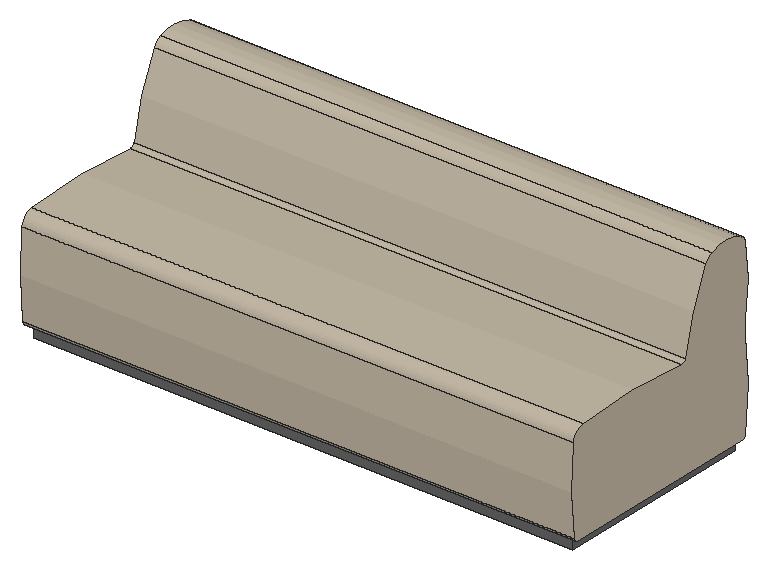
Revit family "FU_Modular_Pau 1050TA", category Furniture, Revit 2020
Family settings
  OmniClass Number = 23.40.20.00
  OmniClass Title = General Furniture and Specialties
  Work Plane-Based = No
  Always vertical = Yes
  Cut with Voids When Loaded = No
  Shared = No
  Room Calculation Point = No
Parameters (values of type "PAU 1050TA")
  Width = 2000 mm
  URL = "https://www.sandlerseating.com/product/pau1050ta/"
  Seat [instance] = Fabric - Mainline Flax - Upminster MLF20
  Model = "PAU1050TA"
  Manufacturer = "Sandler"
  Height = 720 mm
  Description = "Upholstered modular seat with backrest. Width 200cm."
  Depth = 800 mm
  Default Elevation = 0 mm
  Base [instance] = Lacquer - W1 - B00 Black
Reference planes
  plane 1 "Center (Front/Back)": y = 0
  plane 2: z = 0
  plane 3 "Center (Left/Right)": x = 0
  plane 4 "Right": x = -1000
  plane 5 "Left": x = 1000
  plane 6 "Back": y = 400
  plane 7 "Front": y = -400
  plane 8 "Height": z = 720
  plane 9 "Seat height": z = 420
  plane 10 "Base Right": x = -979.111
  plane 11 "Base Back": y = 366.687
  plane 12 "Base Left": x = 978.588
  plane 13 "Base Front": y = -366.901
  plane 14 "Base Top": z = 40
Forms (mm)
  Extrusion 1, solid, material "Lacquer - W1 - B00 Black" <- "Base"
    sketch origin (0, 0, 0) x (1, 0, 0) y (0, 1, 0)
      loop
        line (-979.111, 366.687) -> (-979.111, -366.901) -> (978.588, -366.901) -> (978.588, 366.687) -> (-979.111, 366.687)
    from 0 to 40
  Extrusion 2, solid, material "Fabric - Mainline Flax - Upminster MLF20" <- "Seat"
    sketch origin (0, 0, 0) x (0, 1, 0) y (0, 0, 1)
      loop
        arc (-347.109, 408.238) -> (-376.551, 394.157) -> (-391.033, 364.911) r 50
        arc (-391.033, 364.911) -> (-399.905, 208.642) -> (-386.679, 52.681) r 1108.576
        arc (-386.679, 52.681) -> (-381.612, 43.603) -> (-371.859, 40) r 15
        line (-371.859, 40) -> (374.029, 40)
        arc (374.029, 40) -> (380.395, 42.288) -> (383.848, 48.104) r 10
        arc (383.848, 48.104) -> (399.882, 210.98) -> (385.633, 374.022) r 884.51
        arc (385.633, 374.022) -> (383.344, 399.87) -> (385.795, 425.704) r 142.036
        arc (385.795, 425.704) -> (397.5, 553.207) -> (385.031, 680.637) r 678.162
        arc (385.031, 680.637) -> (378.627, 694.761) -> (366.547, 704.486) r 33.492
        arc (366.547, 704.486) -> (302.388, 719.935) -> (237.455, 708.154) r 159.868
        arc (237.455, 708.154) -> (220.834, 697.678) -> (208.813, 682.137) r 56.417
        arc (208.813, 682.137) -> (152.848, 552.661) -> (116.957, 416.25) r 936.801
        arc (116.957, 416.25) -> (111.022, 406.829) -> (100.228, 404.095) r 15
        arc (100.228, 404.095) -> (-123.313, 419.929) -> (-347.109, 408.238) r 1824.42
    from -1000 to 1000
Dimensions and locks
  equal spacing: plane 4 "Right", plane 3 "Center (Left/Right)", plane 5 "Left"
  "Width": plane 4 "Right" to plane 5 "Left"
  equal spacing: plane 6 "Back", plane 1 "Center (Front/Back)", plane 7 "Front"
  "Depth": plane 6 "Back" to plane 7 "Front"
  "Height": plane 8 "Height" to level
  plane 9 "Seat height" to level = 420 mm
  locked: plane 6 "Back" to plane 11 "Base Back" at 33.313
  locked: plane 4 "Right" to plane 10 "Base Right" at 20.889
  locked: plane 12 "Base Left" to plane 5 "Left" at 21.412
  locked: plane 13 "Base Front" to plane 7 "Front" at 33.099
  aligned and locked: level to plane 2
  aligned and locked: Extrusion 1 sketch curve to plane 11 "Base Back"
  aligned and locked: Extrusion 1 sketch curve to plane 10 "Base Right"
  aligned and locked: Extrusion 1 sketch curve to plane 13 "Base Front"
  aligned and locked: Extrusion 1 sketch curve to plane 12 "Base Left"
  aligned and locked: plane 4 "Right" to Extrusion 2
  aligned and locked: Extrusion 2 to plane 5 "Left"
Automatic sketch dimensions
  plane 14 "Base Top" to Extrusion 2 sketch curve = 0 mm
  Extrusion 2 sketch curve to plane 7 "Front" = 84.615 mm
  Extrusion 2 sketch curve to plane 13 "Base Front" = 4.958 mm
  plane 13 "Base Front" to Extrusion 2 sketch curve = 25.463 mm
  plane 13 "Base Front" to Extrusion 2 sketch curve = 86.242 mm
  plane 1 "Center (Front/Back)" to Extrusion 2 sketch curve = 140.209 mm
  Extrusion 2 sketch curve to plane 9 "Seat height" = 1.036 mm
  Extrusion 2 sketch curve to plane 1 "Center (Front/Back)" = 102.204 mm
  plane 11 "Base Back" to Extrusion 2 sketch curve = 107.92 mm
  plane 11 "Base Back" to Extrusion 2 sketch curve = 68.841 mm
  plane 11 "Base Back" to Extrusion 2 sketch curve = 14.533 mm
  Extrusion 2 sketch curve to plane 11 "Base Back" = 7.342 mm
  Extrusion 2 sketch curve to plane 9 "Seat height" = 20.575 mm
  plane 6 "Back" to Extrusion 2 sketch curve = 125.379 mm
  Extrusion 2 sketch curve to Extrusion 2 sketch curve = 183.184 mm
  Extrusion 2 sketch curve to Extrusion 2 sketch curve = 329.735 mm
  Extrusion 2 sketch curve to level = 1404.412 mm
  Extrusion 2 sketch curve to plane 14 "Base Top" = 10 mm
  Extrusion 2 sketch curve to plane 14 "Base Top" = 15 mm
  Extrusion 2 sketch curve to plane 14 "Base Top" = 175.825 mm
  Extrusion 2 sketch curve to plane 14 "Base Top" = 184.101 mm
  Extrusion 2 sketch curve to plane 9 "Seat height" = 173.236 mm
  Extrusion 2 sketch curve to plane 9 "Seat height" = 61.44 mm
  plane 9 "Seat height" to Extrusion 2 sketch curve = 131.174 mm
  plane 9 "Seat height" to Extrusion 2 sketch curve = 140.132 mm
  Extrusion 2 sketch curve to plane 8 "Height" = 64.082 mm
  Extrusion 2 sketch curve to plane 8 "Height" = 45.757 mm
  plane 7 "Front" to Extrusion 2 sketch curve = 8.967 mm
  Extrusion 2 sketch curve to Extrusion 2 sketch curve = 0 mm  (x10)
